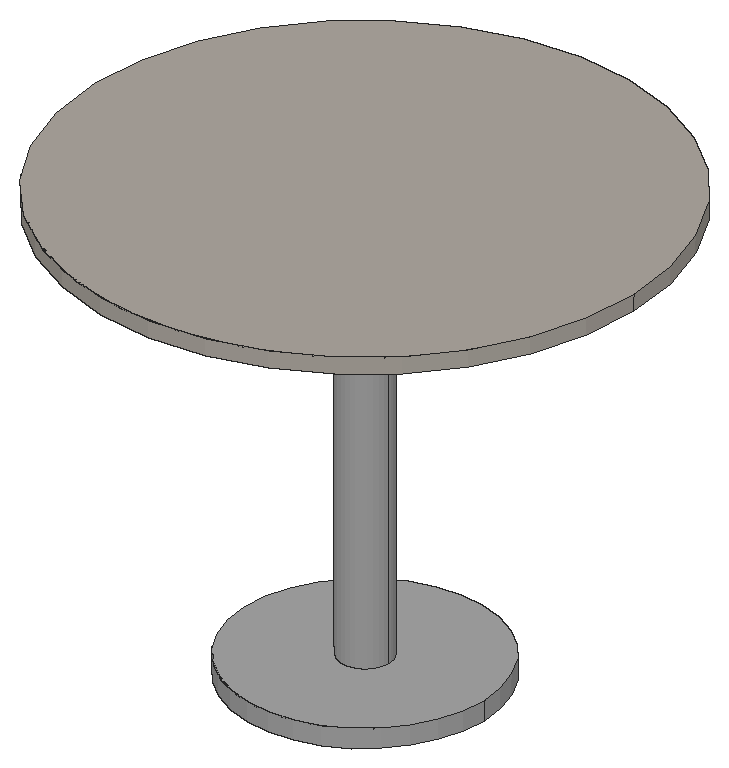
Revit family "Mesa Circular MAACH", category Mobiliario, Revit 2024
Family settings
  Número OmniClass = 23.40.20.00
  Título OmniClass = General Furniture and Specialties
  Se basa en plano de trabajo = No
  Activar corte en vistas = No
  Siempre vertical = Sí
  Corte con vacíos al cargar = No
  Origen de apariencia de renderización = Geometría de familia
  Compartido = No
  Punto de cálculo de habitación = No
Parameters
  MELAMINA = Melamina taupe
  Parámetro sigem = ""
  PINTURA = Pintura Gris
  Elevación por defecto = 0 mm
Reference planes
  plane 1 "Centro (Frontal/Posterior)": y = 0
  plane 2: z = 0
  plane 3 "Centro (Izquierda/Derecha)": x = 0
Forms (mm)
  Extrusion 1, solid, material "Melamina taupe" <- "MELAMINA"
    sketch origin (-171.585, -69.972, 0) x (1, 0, 0) y (0, 1, 0)
      loop
        circle (171.585, 69.972) r 450
    from 700 to 725
  Extrusion 2, solid, material "Pintura Gris" <- "PINTURA"
    sketch origin (0, 0, 0) x (1, 0, 0) y (0, 1, 0)
      loop
        circle (0, 0) r 200
    from 0 to 30
  Extrusion 3, solid, material "Pintura Gris" <- "PINTURA"
    sketch origin (0, 0, 0) x (1, 0, 0) y (0, 1, 0)
      loop
        circle (0, 0) r 40
    from 0 to 700
Dimensions and locks
  Extrusion 1 to level = 725 mm
  Extrusion 1 to Extrusion 1 = 900 mm
  aligned and locked: level to plane 2
